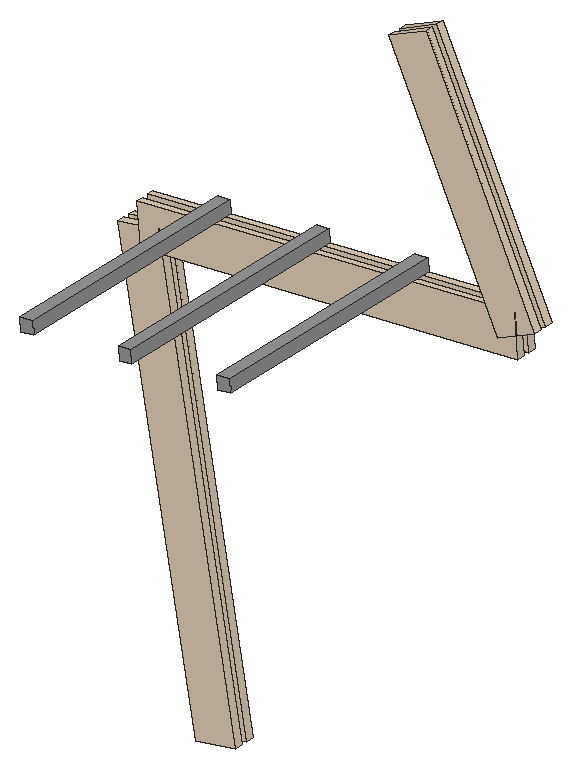
Revit family "PLL - SECONDA CONSEGNA - MADRE", category Generic Models, Revit 2017
Family settings
  Can host rebar = No
  Round Connector Dimension = Use Diameter
  Part Type = Normal
  Work Plane-Based = No
  Always vertical = Yes
  Cut with Voids When Loaded = No
  Shared = No
  Room Calculation Point = No
Parameters
  C_angolo sommitale = 70.00°
  C_angolo intermedio [instance] = 85.00°
  C_angolo di base [instance] = 80.00°
Reference planes
  plane 1 "Center (Front/Back)": y = 0
  plane 2: z = 0
  plane 3 "Center (Left/Right)": x = 0
Lines and regions (mm)
  reference lines
    curve 1: line (0, 0, 0) -> (-468.85, 0, 2658.981)
    curve 2: line (-468.85, 0, 2658.981) -> (1822.398, 0, 2859.439)
    curve 3: line (1822.398, 0, 2859.439) -> (1163.113, 0, 4273.279)
Dimensions and locks
  "C_angolo di base": angle curve 1 to level
  "C_angolo intermedio": angle curve 1 to curve 2
  "C_angolo sommitale": angle curve 3 to curve 2
  aligned and locked: level to plane 2
  aligned and locked: nested 1 to curve 1  (x2)
  aligned and locked: nested 1 to curve 2
  aligned and locked: nested 2 to curve 2
  aligned and locked: nested 2 to curve 3
  aligned and locked: nested 2 to nested 1
  aligned and locked: nested 3 to curve 3  (x2)
  aligned and locked: nested 3 to nested 2
Automatic sketch dimensions
  curve 1 to level = 0 mm
  curve 1 to plane 3 "Center (Left/Right)" = 0 mm
  curve 2 to curve 1 = 0 mm  (x2)
  curve 3 to curve 2 = 0 mm  (x2)
Nested families
  nested 1: "PLL - SECONDA CONSEGNA - ASTA FIGLIO" at (0, 0, 0) x (-0.1736, 0, 0.9848) z (0, -1, 0), type "1000x200"
    with built-in parameter 1001306 8.8583 (stored number, unit not read)
  nested 2: "PLL - SECONDA CONSEGNA - ASTA FIGLIO" at (-468.85, 0, 2658.981) x (0.9962, 0, 0.0872) z (0, -1, 0), type "1000x200"
    with built-in parameter 1001306 7.5459 (stored number, unit not read)
  nested 3: "PLL - SECONDA CONSEGNA - ASTA FIGLIO" at (1163.113, 0, 4273.279) x (0.4226, 0, -0.9063) z (0, -1, 0), type "1000x200"
    with built-in parameter 1001306 5.1181 (stored number, unit not read)
  nested 4: "PLL - SECONDA CONSEGNA - SOTTO-ASTA FIGLIO" at (1114.167, 62.5, 2922.954) x (0, -1, 0) z (-0.0872, 0, 0.9962), type "PLL - SECONDA CONSEGNA - SOTTO-ASTA FIGLIO"
  nested 5: "PLL - SECONDA CONSEGNA - SOTTO-ASTA FIGLIO" at (516.45, 62.5, 2870.661) x (0, -1, 0) z (-0.0872, 0, 0.9962), type "PLL - SECONDA CONSEGNA - SOTTO-ASTA FIGLIO"
  nested 6: "PLL - SECONDA CONSEGNA - SOTTO-ASTA FIGLIO" at (-81.267, 62.5, 2818.368) x (0, -1, 0) z (-0.0872, 0, 0.9962), type "PLL - SECONDA CONSEGNA - SOTTO-ASTA FIGLIO"
Definition of nested family "PLL - SECONDA CONSEGNA - ASTA FIGLIO"
  Parameters (values of type "1000x200")
    semi h = h / 2  # 62.5 mm
    semi b = b / 2  # 125 mm
    profonditò asta = 3000 mm
    material = none
    h = 125 mm
    b = 250 mm
    built-in parameter 1001306 [instance] = 3000 mm
  Types (3, lengths in mm): name | semi h | semi b | profonditò asta | h | b | built-in parameter 1001306
    (no name) | 62.5 | 125 | 3000 | 125 | 250 | 3000
    200x1000 | 500 | 100 | 286.368 | 1000 | 200 | 2000
    1000x200 | 62.5 | 125 | 3000 | 125 | 250 | 3000
  Reference planes
    plane 1 "Center (Front/Back)": y = 0
    plane 2: z = 0
    plane 3 "Left": x = 0
    plane 4 "Right": x = 3000
    plane 5: y = -125
    plane 6: z = 62.5
    plane 7: y = 125
    plane 8: z = -62.5
    plane 9: z = 20
    plane 10: x = 3000
    plane 11: z = -20
  Forms (mm)
    Extrusion 1, solid, material <- "material"
      sketch origin (0, 0, 0) x (0, 1, 0) y (0, 0, 1)
        loop
          line (125, 62.5) -> (-125, 62.5) -> (-125, -62.5) -> (125, -62.5) -> (125, 62.5)
      from 0 to 3000
    Extrusion 2, void
      sketch origin (0, 0, 0) x (1, 0, 0) y (0, 0, 1)
        loop
          line (-40.885, 20) -> (-40.885, -20) -> (3000, -20) -> (3000, 20) -> (-40.885, 20)
      from -865.238 to 975.798
  Cuts and joins
    Extrusion 2 cuts Extrusion 1
  Lines and regions (mm)
    reference lines
      curve 1: line (0, 0, 0) -> (3000, 0, 0)
  Dimensions and locks
    "built-in parameter 1001306": plane 3 "Left" to plane 4 "Right"
    "semi b": plane 1 "Center (Front/Back)" to plane 5
    "semi h": level to plane 6
    "semi b": plane 7 to plane 1 "Center (Front/Back)"
    "semi h": level to plane 8
    "profonditò asta": plane 10 to plane 3 "Left"
    aligned and locked: plane 4 "Right" to curve 1
    aligned and locked: plane 1 "Center (Front/Back)" to curve 1
    aligned and locked: plane 3 "Left" to curve 1
    aligned and locked: level to plane 2
    aligned and locked: Extrusion 1 to plane 6
    aligned and locked: plane 5 to Extrusion 1
    aligned and locked: plane 4 "Right" to Extrusion 1
    aligned and locked: Extrusion 1 to plane 7
    aligned and locked: Extrusion 1 to plane 8
    aligned and locked: Extrusion 2 sketch curve to plane 9
    aligned and locked: Extrusion 2 sketch curve to plane 10
    aligned and locked: plane 11 to cut or joined group of Extrusion 1, Extrusion 2
  Automatic sketch dimensions
    plane 5 to Extrusion 1 sketch curve = 0 mm
    Extrusion 1 sketch curve to plane 1 "Center (Front/Back)" = 125 mm
    Extrusion 1 sketch curve to level = 62.5 mm
    Extrusion 1 sketch curve to plane 6 = 0 mm
    Extrusion 2 sketch curve to plane 3 "Left" = 40.885 mm
    plane 8 to Extrusion 2 sketch curve = 42.5 mm
Definition of nested family "PLL - SECONDA CONSEGNA - SOTTO-ASTA FIGLIO"
  Parameters (values of type "PLL - SECONDA CONSEGNA - SOTTO-ASTA FIGLIO")
    l = 1500 mm
    h = 100 mm
    b = 75 mm
    asta material = none
    Default Elevation = 1219.2 mm
  Reference planes
    plane 1 "Center (Front/Back)": y = 0
    plane 2: z = 0
    plane 3 "Center (Left/Right)": x = 0
    plane 4: y = 75
    plane 5: x = 1500
    plane 6: z = 100
  Forms (mm)
    Extrusion 1, solid
      sketch origin (0, 0, 0) x (1, 0, 0) y (0, 1, 0)
        loop
          line (-1219.2, 1219.2) -> (-1219.2, -1219.2) -> (1219.2, -1219.2) -> (1219.2, 1219.2) -> (-1219.2, 1219.2)
      from 0 to -304.8
    Extrusion 2, solid, material <- "asta material"
      sketch origin (0, 0, 0) x (1, 0, 0) y (0, 1, 0)
        loop
          line (0, 75) -> (0, 0) -> (1500, 0) -> (1500, 75) -> (0, 75)
      from 0 to 75 <- "b"
  Dimensions and locks
    "l": plane 3 "Center (Left/Right)" to plane 5
    "b": plane 4 to plane 1 "Center (Front/Back)"
    "h": plane 6 to Extrusion 1
    aligned and locked: plane 2 to Extrusion 1
    aligned and locked: level to Extrusion 1
    aligned and locked: Extrusion 2 sketch curve to plane 4
    aligned and locked: Extrusion 2 sketch curve to plane 5
    aligned and locked: Extrusion 2 sketch curve to plane 1 "Center (Front/Back)"
    aligned and locked: plane 3 "Center (Left/Right)" to Extrusion 2 sketch curve
  Automatic sketch dimensions
    Extrusion 1 sketch curve to Extrusion 1 sketch curve = 2438.4 mm  (x2)
